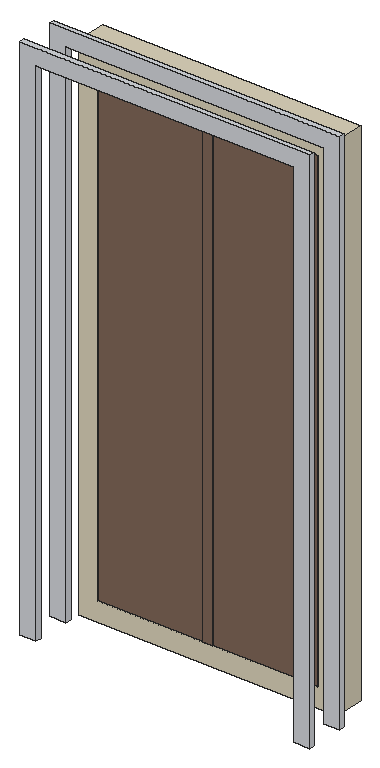
Revit family "AM_Heritage_Door", category Doors, host Wall, Revit 2025
Family settings
  Host = Wall
  OmniClass Number = 23.30.10.00
  OmniClass Title = Doors
  Always vertical = Yes
  Cut with Voids When Loaded = No
  Shared = No
  Room Calculation Point = No
Parameters
  Function = Interior
  Frame Projection Ext. = 25 mm
  Frame Projection Int. = 25 mm
  Frame Width = 75 mm
  Height = 2400 mm
  Wall Closure = By host
  Width = 1200 mm
  Description = "Ayse Mayda v1.0.0. Width and Height drive opening, frame, glass and central mullion. Photographic approximation."
  AM Half Clear Width = Width / 2 - 90 mm  # 510 mm
  AM Frame = 90 mm
  AM Clear Head = Height - 90 mm  # 2310 mm
Reference planes
  plane 1: y = 0
  plane 2 "Center (Left/Right)": x = 0
  plane 3 "Left": x = -600
  plane 4 "Right": x = 600
  plane 5: z = 2400
  plane 6 "Exterior": y = 75
  plane 7 "Interior": y = -75
  plane 8: z = 0
  plane 9 "AM Inner Left": x = -510
  plane 10 "AM Inner Right": x = 510
  plane 11 "AM Inner Bottom": z = 90
  plane 12 "AM Inner Head": z = 2310
Forms (mm)
  Extrusion 1, solid
    sketch origin (-3050, -75, 0) x (1, 0, 0) y (0, 0, 1)
      loop
        line (2375, 0) -> (2450, 0) -> (2450, 2400) -> (3650, 2400) -> (3650, 0) -> (3725, 0) -> (3725, 2475) -> (2375, 2475) -> (2375, 0)
    from 0 to 25
  Extrusion 2, solid
    sketch origin (-3050, 75, 0) x (-1, 0, 0) y (0, 0, 1)
      loop
        line (-2450, 0) -> (-2375, 0) -> (-2375, 2475) -> (-3725, 2475) -> (-3725, 0) -> (-3650, 0) -> (-3650, 2400) -> (-2450, 2400) -> (-2450, 0)
    from 0 to 25
  Extrusion 3, solid, material "AM Ivory limestone"
    sketch origin (0, 150, 0) x (0, 0, 1) y (1, 0, 0)
      loop
        line (0, -600) -> (2400, -600) -> (2400, 600) -> (0, 600) -> (0, -600)
      loop
        line (2310, -510) -> (2310, 510) -> (90, 510) -> (90, -510) -> (2310, -510)
    from 0 to 140
  Extrusion 4, solid, material "AM Chestnut wood"
    sketch origin (0, 150, 0) x (0, 0, 1) y (1, 0, 0)
      loop
        line (90, -510) -> (2310, -510) -> (2310, 510) -> (90, 510) -> (90, -510)
    from 0 to 25
  Extrusion 5, solid, material "AM Chestnut wood"
    sketch origin (0, 150, 0) x (0, 0, 1) y (1, 0, 0)
      loop
        line (90, -25) -> (2310, -25) -> (2310, 25) -> (90, 25) -> (90, -25)
    from 0 to 70
Lines and regions (mm)
  Opening 1
    outline origin (-3050, -75, 0) x (1, 0, 0) y (0, 0, 1)
      loop
        line (2450, 0) -> (3650, 0) -> (3650, 2400) -> (2450, 2400) -> (2450, 0)
  symbolic lines, style "Elevation Swing"
    curve 1: line (600, -75, 1200) -> (-600, -75, 2400)
    curve 2: line (600, -75, 1200) -> (-600, -75, 0)
Text (mm)
  text "Exterior" at (-1376.75, 1099.543, 0), in view "Ref. Level"
  text "Exterior" at (0, 1615.38, 3698.081), in view "Left"
  text "Exterior" at (0, 1036.032, 3874.932), in view "Right"
Dimensions and locks
  equal spacing: plane 3 "Left", plane 2 "Center (Left/Right)", plane 4 "Right"
  "Width": plane 3 "Left" to plane 4 "Right"
  "Height": plane 5 to host wall
  equal spacing: host wall, curve 2, plane 5
  host wall to plane 5 = 2400 mm
  "Frame Projection Ext.": Extrusion 2 to Extrusion 2
  "Frame Projection Int.": Extrusion 1 to Extrusion 1
  "Frame Width": plane 3 "Left" to Extrusion 1 sketch curve
  "Frame Width": plane 4 "Right" to Extrusion 1 sketch curve
  "Frame Width": Extrusion 1 sketch curve to plane 5
  "Frame Width": plane 4 "Right" to Extrusion 2 sketch curve
  "Frame Width": plane 3 "Left" to Extrusion 2 sketch curve
  "Frame Width": plane 5 to Extrusion 2 sketch curve
  locked: plane 6 "Exterior" to host wall
  locked: plane 7 "Interior" to host wall
  "AM Half Clear Width": plane 2 "Center (Left/Right)" to plane 9 "AM Inner Left"
  "AM Half Clear Width": plane 2 "Center (Left/Right)" to plane 10 "AM Inner Right"
  "AM Frame": plane 8 to plane 11 "AM Inner Bottom"
  "AM Clear Head": plane 8 to plane 12 "AM Inner Head"
  aligned and locked: plane 3 "Left" to Opening 1 sketch curve
  aligned and locked: plane 5 to Opening 1 sketch curve  (x2)
  aligned and locked: Opening 1 sketch curve to plane 4 "Right"
  aligned and locked: Opening 1 sketch curve to level
  aligned and locked: level to Extrusion 1 sketch curve
  aligned and locked: plane 5 to Extrusion 1 sketch curve  (x2)
  aligned and locked: Extrusion 1 sketch curve to plane 4 "Right"
  aligned and locked: plane 3 "Left" to Extrusion 1 sketch curve
  aligned and locked: plane 3 "Left" to Extrusion 2 sketch curve
  aligned and locked: plane 5 to Extrusion 2 sketch curve  (x2)
  aligned and locked: level to Extrusion 2 sketch curve
  aligned and locked: plane 5 to curve 1
  aligned and locked: plane 3 "Left" to curve 2
  aligned and locked: plane 1 to host wall
  aligned and locked: plane 3 "Left" to curve 1
  aligned and locked: Extrusion 3 sketch curve to plane 8
  aligned and locked: plane 4 "Right" to Extrusion 3 sketch curve
  aligned and locked: plane 5 to Extrusion 3 sketch curve
  aligned and locked: Extrusion 3 sketch curve to plane 3 "Left"
  aligned and locked: Extrusion 3 sketch curve to plane 12 "AM Inner Head"
  aligned and locked: plane 10 "AM Inner Right" to Extrusion 3 sketch curve
  aligned and locked: plane 11 "AM Inner Bottom" to Extrusion 3 sketch curve
  aligned and locked: Extrusion 3 sketch curve to plane 9 "AM Inner Left"
  aligned and locked: Extrusion 4 sketch curve to plane 11 "AM Inner Bottom"
  aligned and locked: Extrusion 4 sketch curve to plane 10 "AM Inner Right"
  aligned and locked: plane 12 "AM Inner Head" to Extrusion 4 sketch curve
  aligned and locked: plane 9 "AM Inner Left" to Extrusion 4 sketch curve
  aligned and locked: Extrusion 5 sketch curve to plane 11 "AM Inner Bottom"
  aligned and locked: plane 12 "AM Inner Head" to Extrusion 5 sketch curve
Automatic sketch dimensions
  Extrusion 2 sketch curve to plane 4 "Right" = 0 mm
  Extrusion 1 sketch curve to level = 0 mm
  Extrusion 2 sketch curve to level = 0 mm
  plane 4 "Right" to curve 2 = 0 mm
  curve 2 to level = 0 mm
  Extrusion 5 sketch curve to plane 2 "Center (Left/Right)" = 25 mm
  plane 2 "Center (Left/Right)" to Extrusion 5 sketch curve = 25 mm
